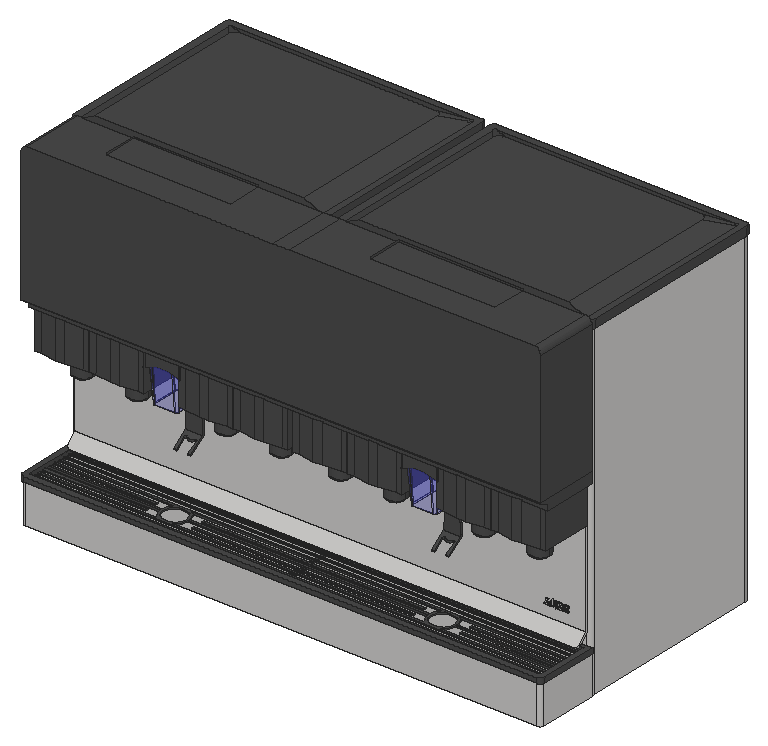
Revit family "QF_LANCER_FS60", category Specialty Equipment, Revit 2012
Parameters
  Width [instance] = 60 3/4"  # constant formula
  Weight in Pounds = 0
  Watts = 0 W
  Waste Water Discharge Temperature [instance] = -459.67 °F
  Volts = 115 V
  URL Cutsheet = "www.lancercorp.com"
  URL = "www.lancercorp.com"
  Type Mark [instance] = ""
  Status [instance] = ""
  Specification by User [instance] = ""
  Specification by Manufacturer = ""
  Show Logo [instance] = yes
  Show Clearance [instance] = yes
  Serial Number = ""
  Seismic Rating = ""
  SMACNA No = ""
  Revision Code [instance] = ""
  Plumbing Remarks [instance] = ""
  Plumbing Connection Type [instance] = ""
  Phase = 1
  Omniclass Number and Title = ""
  Number of Poles = 1
  NAFEM Spec ID Number = ""
  Model = "FS60"
  Min Ckt Ampacity = 0 A
  Max Overcurrent Protection = 0 A
  Masterspec = ""
  Manufacturer = "LANCER"
  Item Number [instance] = ""
  Installed By [instance] = ""
  Indirect Waste Size = 3/4"
  Indirect Waste Flow [instance] = 0 GPM
  Indirect Waste Connection Type [instance] = ""
  Indirect Waste Connection Height = 0"
  Identify Quantity as Lot [instance] = yes
  Height [instance] = 40 1/4"  # constant formula
  HP = ""
  Furnished By [instance] = ""
  Foodservice Equipment Identifier [instance] = yes
  FL Amps = 15 A
  Electrical Remarks [instance] = ""
  Electric Connection Type [instance] = ""
  Elec Conn RI Height = 0"
  Elec Conn Connection Height = 0"
  Description = "ICE BEVERAGE DISPENSER"
  Depth [instance] = 30 1/2"  # constant formula
  Cycle = 60 Hz
  Conn Plug = ""
  Conn Conduit = yes
  Cold Water Temperature Recommended [instance] = 0 °F
  Cold Water Size = 3/8"
  Cold Water RI Height [instance] = 0"
  Cold Water Minimum Pressure = 0.00 psi
  Cold Water Maximum Pressure = 0.00 psi
  Cold Water Flow [instance] = 0 GPM
  Cold Water Consumption = ""
  Cold Water Connection Height = 0"
  CSI MasterFormat = ""
  CSI Master Format = ""
  Apparent Power = if(Phase = 3, Volts * FL Amps * 1.73, Volts * FL Amps)  # 1725 VA
Reference planes (in)
  plane 1 "BACK": y = 0
  plane 2: z = 0
  plane 3 "LEFT": x = 0
  plane 4 "RIGHT": x = 60.75
  plane 5 "FRONT": y = -30.5
  plane 6 "TOP": z = 40.25
  plane 7: x = 30.375
  plane 8: y = -15.25
  plane 9: y = -23
  plane 10: z = 5.125
  plane 11: z = 39.27616
  plane 12: z = 24.77616
  plane 13: z = 23.38961
  plane 14: x = 0.62176
  plane 15: x = 13.36991
  plane 16: z = 20.125
Forms (in)
  Extrusion 1, solid, material "QF_Finishes_Stainless Steel"
    sketch origin (0, 0, 0) x (1, 0, 0) y (0, 1, 0)
      loop
        line (0.625, -23.5) -> (0.625, -29.625)
        arc (0.625, -29.625) -> (0.69822, -29.80178) -> (0.875, -29.875) r 0.25
        line (0.875, -29.875) -> (59.875, -29.875)
        arc (59.875, -29.875) -> (60.05178, -29.80178) -> (60.125, -29.625) r 0.25
        line (60.125, -29.625) -> (60.125, -23.5) -> (0.625, -23.5)
    from 0 to 0.5
  Extrusion 2, solid, material "QF_Finishes_Black"
    sketch origin (-4.83017, -180, 5.125) x (-1, 0, 0) y (0, -1, 0)
      loop
        line (-4.83017, -157) -> (-4.83017, -150)
        arc (-4.83017, -150) -> (-4.97662, -149.64645) -> (-5.33017, -149.5) r 0.5
        line (-5.33017, -149.5) -> (-65.08017, -149.5)
        arc (-65.08017, -149.5) -> (-65.43372, -149.64645) -> (-65.58017, -150) r 0.5
        line (-65.58017, -150) -> (-65.58017, -157) -> (-4.83017, -157)
      loop
        line (-64.95517, -156.5) -> (-5.45517, -156.5) -> (-5.45517, -150.375)
        arc (-5.45517, -150.375) -> (-5.52839, -150.19822) -> (-5.70517, -150.125) r 0.25
        line (-5.70517, -150.125) -> (-64.70517, -150.125)
        arc (-64.70517, -150.125) -> (-64.88195, -150.19822) -> (-64.95517, -150.375) r 0.25
        line (-64.95517, -150.375) -> (-64.95517, -156.5)
    from 0 to -0.59152
  Extrusion 3, solid, material "QF_Finishes_Stainless Steel"
    sketch origin (0, 0, 0) x (1, 0, 0) y (0, 1, 0)
      loop
        arc (0.625, -0.125) -> (0.27145, -0.27145) -> (0.125, -0.625) r 0.5
        line (0.125, -0.625) -> (0.125, -22.5)
        arc (0.125, -22.5) -> (0.27145, -22.85355) -> (0.625, -23) r 0.5
        line (0.625, -23) -> (60.125, -23)
        arc (60.125, -23) -> (60.47855, -22.85355) -> (60.625, -22.5) r 0.5
        line (60.625, -22.5) -> (60.625, -0.625)
        arc (60.625, -0.625) -> (60.47855, -0.27145) -> (60.125, -0.125) r 0.5
        line (60.125, -0.125) -> (0.625, -0.125)
    from 0 to 38.24262
  Extrusion 4, solid, material "QF_Finishes_Black"
    sketch origin (0, 0, -2.75) x (0, 1, 0) y (0, 0, 1)
      loop
        line (-29.28003, 24.875) -> (-23, 24.875) -> (-23, 26.13961) -> (-30.5, 26.13961) -> (-29.28003, 25.57073) -> (-29.28003, 24.875)
    from 0.125 to 60.625
  Extrusion 5, solid, material "QF_Finishes_Stainless Steel"
    sketch origin (30.375, 11.66928, 48) x (0, 1, 0) y (0, 0, 1)
      loop
        line (-34.66928, -25.875) -> (-34.79428, -25.875) -> (-34.79428, -41.36988) -> (-35.7238, -42.2994) -> (-35.63541, -42.38779) -> (-34.66928, -41.42166) -> (-34.66928, -25.875)
    from -29.75 to 29.75
  Extrusion 6, solid, material "QF_Finishes_Stainless Steel"
    sketch origin (30.375, -24.05452, 5.7006) x (0, 0.707107, 0.707107) y (-1, 0, 0)
      loop
        arc (0, 29.75) -> (-0.35355, 29.60355) -> (-0.5, 29.25) r 0.5
        line (-0.5, 29.25) -> (-0.5, -29.25)
        arc (-0.5, -29.25) -> (-0.35355, -29.60355) -> (0, -29.75) r 0.5
        line (0, -29.75) -> (0, 29.75)
    from 0 to -0.125
  Extrusion 7, solid, material "QF_Finishes_Black"
    sketch origin (0, 0, 4.53348) x (1, 0, 0) y (0, 1, 0)
      loop
        line (0.625, -23.5) -> (0.625, -29.625)
        arc (0.625, -29.625) -> (0.69822, -29.80178) -> (0.875, -29.875) r 0.25
        line (0.875, -29.875) -> (59.875, -29.875)
        arc (59.875, -29.875) -> (60.05178, -29.80178) -> (60.125, -29.625) r 0.25
        line (60.125, -29.625) -> (60.125, -23.5) -> (0.625, -23.5)
      loop
        line (0.875, -23.75) -> (0.875, -29.625) -> (30.27438, -29.625) -> (30.27438, -23.75) -> (0.875, -23.75)
      loop
        line (59.875, -23.75) -> (30.52668, -23.75) -> (30.52668, -29.625) -> (59.875, -29.625) -> (59.875, -23.75)
    from 0 to 0.125
  Extrusion 8, solid, material "QF_Finishes_Black"
    sketch origin (0, 0, 4.65848) x (1, 0, 0) y (0, 1, 0)
      loop
        line (0.6875, -23.9375) -> (0.6875, -24.1875) -> (60.0625, -24.1875) -> (60.0625, -23.9375) -> (0.6875, -23.9375)
      loop
        line (0.6875, -24.6875) -> (0.6875, -24.9375) -> (26.25953, -24.9375) -> (60.0625, -24.9375) -> (60.0625, -24.6875) -> (26.73212, -24.6875) -> (0.6875, -24.6875)
      loop
        line (0.6875, -25.43032) -> (0.6875, -25.68032) -> (14.48409, -25.68032)
        arc (14.48409, -25.68032) -> (13.96643, -26.21026) -> (13.74102, -26.91595) r 1.60932
        line (13.74102, -26.91595) -> (0.6875, -26.91595) -> (0.6875, -27.16595) -> (13.74122, -27.16595)
        arc (13.74122, -27.16595) -> (13.96838, -27.87225) -> (14.48824, -28.40158) r 1.60932
        line (14.48824, -28.40158) -> (0.6875, -28.40158) -> (0.6875, -28.65158) -> (26.375, -28.65158) -> (60.0625, -28.65158) -> (60.0625, -28.40158) -> (47.38731, -28.40158)
        arc (47.38731, -28.40158) -> (47.90717, -27.87225) -> (48.13433, -27.16595) r 1.60932
        line (48.13433, -27.16595) -> (60.0625, -27.16595) -> (60.0625, -26.91595) -> (48.13453, -26.91595)
        arc (48.13453, -26.91595) -> (47.90912, -26.21026) -> (47.39145, -25.68032) r 1.60932
        line (47.39145, -25.68032) -> (60.0625, -25.68032) -> (60.0625, -25.43032) -> (26.375, -25.43032) -> (0.6875, -25.43032)
      loop
        line (0.6875, -26.17313) -> (0.6875, -26.42313) -> (12.64977, -26.42313) -> (12.64977, -26.17313) -> (0.6875, -26.17313)
      loop
        line (0.6875, -27.65877) -> (0.6875, -27.90877) -> (12.64977, -27.90877) -> (12.64977, -27.65877) -> (0.6875, -27.65877)
      loop
        line (0.6875, -29.1444) -> (0.6875, -29.3944) -> (26.46437, -29.3944) -> (60.0625, -29.3944) -> (60.0625, -29.1444) -> (26.12882, -29.1444) -> (0.6875, -29.1444)
      loop
        circle (15.34558, -27.03964) r 1.35932
      loop
        line (60.0625, -26.17313) -> (49.22578, -26.17313) -> (49.22578, -26.42313) -> (60.0625, -26.42313) -> (60.0625, -26.17313)
      loop
        line (18.04139, -26.42313) -> (43.83416, -26.42313) -> (43.83416, -26.17313) -> (18.04139, -26.17313) -> (18.04139, -26.42313)
      loop
        line (60.0625, -27.65877) -> (49.22578, -27.65877) -> (49.22578, -27.90877) -> (60.0625, -27.90877) -> (60.0625, -27.65877)
      loop
        line (18.04139, -27.90877) -> (43.83416, -27.90877) -> (43.83416, -27.65877) -> (18.04139, -27.65877) -> (18.04139, -27.90877)
      loop
        arc (16.20707, -25.68032) -> (16.72473, -26.21026) -> (16.95015, -26.91595) r 1.60932
        line (16.95015, -26.91595) -> (44.9254, -26.91595)
        arc (44.9254, -26.91595) -> (45.15082, -26.21026) -> (45.66848, -25.68032) r 1.60932
        line (45.66848, -25.68032) -> (16.20707, -25.68032)
      loop
        arc (16.94994, -27.16595) -> (16.72279, -27.87225) -> (16.20293, -28.40158) r 1.60932
        line (16.20293, -28.40158) -> (45.67262, -28.40158)
        arc (45.67262, -28.40158) -> (45.15276, -27.87225) -> (44.92561, -27.16595) r 1.60932
        line (44.92561, -27.16595) -> (16.94994, -27.16595)
      loop
        circle (46.52997, -27.03964) r 1.35932
    from 0 to 0.125
  Sweep 9, solid, material "Glass"
    path origin (10.18415, -180, 20.82962) x (-1, 0, 0) y (0, -1, 0)
      loop
        arc (-33.56656, -151.84842) -> (-33.71301, -151.49486) -> (-34.06656, -151.34842) r 0.5
        line (-34.06656, -151.34842) -> (-36.34378, -151.34842)
        arc (-36.34378, -151.34842) -> (-36.69733, -151.49486) -> (-36.84378, -151.84842) r 0.5
        line (-36.84378, -151.84842) -> (-36.84378, -154.75718)
        arc (-36.84378, -154.75718) -> (-36.69733, -155.11074) -> (-36.34378, -155.25718) r 0.5
        line (-36.34378, -155.25718) -> (-34.06656, -155.25718)
        arc (-34.06656, -155.25718) -> (-33.71301, -155.11074) -> (-33.56656, -154.75718) r 0.5
        line (-33.56656, -154.75718) -> (-33.56656, -151.84842)
    profile origin (43.75072, -26.6972, 20.82962) x (-1, 0, 0) y (0, 0, 1)
      loop
        line (0, 0) -> (-0.26822, -4.40982) -> (-0.13581, -4.40982) -> (0.25, 0) -> (0, 0)
  Extrusion 10, solid, material "QF_Finishes_Black"
    sketch origin (45.3995, 11.66928, 45.25) x (0, 1, 0) y (0, 0, 1)
      loop
        line (-35.83907, -24.42385) -> (-35.83907, -30.375) -> (-34.83907, -30.375) -> (-34.83907, -24.42385) -> (-35.83907, -24.42385)
    from -0.83198 to 0.81163
  Extrusion 11, solid, material "QF_Finishes_Stainless Steel"
    sketch origin (0, 0, 0) x (1, 0, 0) y (0, 1, 0)
      loop
        line (0.125, -23) -> (0.125, -29.875)
        arc (0.125, -29.875) -> (0.27145, -30.22855) -> (0.625, -30.375) r 0.5
        line (0.625, -30.375) -> (60.125, -30.375)
        arc (60.125, -30.375) -> (60.47855, -30.22855) -> (60.625, -29.875) r 0.5
        line (60.625, -29.875) -> (60.625, -23) -> (0.125, -23)
      loop
        line (0.625, -23.5) -> (0.625, -29.625)
        arc (0.625, -29.625) -> (0.69822, -29.80178) -> (0.875, -29.875) r 0.25
        line (0.875, -29.875) -> (59.875, -29.875)
        arc (59.875, -29.875) -> (60.05178, -29.80178) -> (60.125, -29.625) r 0.25
        line (60.125, -29.625) -> (60.125, -23.5) -> (0.625, -23.5)
    from 0 to 4.53348
  Extrusion 12, solid, material "QF_Finishes_Black"
    sketch origin (30.15948, 0, -1.8077) x (0, 1, 0) y (0, 0, 1)
      loop
        line (-24.16978, 16.6827) -> (-24.16978, 13.95706) -> (-25.99565, 12.7255) -> (-25.92575, 12.62187) -> (-24.04478, 13.89059) -> (-24.04478, 16.6827) -> (-24.16978, 16.6827)
    from 14.23992 to 16.23992
  Extrusion 13, void
    sketch origin (22.962, 0, -1.8077) x (1, 0, 0) y (0, 1, 0)
      loop
        line (21.78464, -26.19535) -> (23.09036, -26.19535) -> (23.15895, -24.88671)
        arc (23.15895, -24.88671) -> (23.06403, -24.7119) -> (22.86518, -24.7171) r 0.19036
        arc (22.86518, -24.7171) -> (22.4375, -24.84379) -> (22.00982, -24.7171) r 0.78525
        arc (22.00982, -24.7171) -> (21.81097, -24.7119) -> (21.71605, -24.88671) r 0.19036
        line (21.71605, -24.88671) -> (21.78464, -26.19535)
    from 12.41996 to 14.39164
  Extrusion 14, void
    sketch origin (30.15948, -24.04478, 14.875) x (0, 0, 1) y (-1, 0, 0)
      loop
        line (-2.59448, -14.23101) -> (0.04691, -14.41571) -> (0.04691, -14.08311) -> (-2.59448, -14.08311) -> (-2.59448, -14.23101)
      loop
        line (-2.59448, -16.22868) -> (-2.59448, -16.37657) -> (0, -16.37657) -> (0, -16.04726) -> (-2.59448, -16.22868)
    from 0 to 0.25
  Extrusion 15, solid, material "QF_Finishes_Black"
    sketch origin (0, -30.5, 0) x (1, 0, 0) y (0, 0, 1)
      loop
        line (0.125, 23.38961) -> (60.625, 23.38961) -> (60.625, 38.78346)
        arc (60.625, 38.78346) -> (60.44102, 39.27551) -> (59.97935, 39.52616) r 0.75
        arc (59.97935, 39.52616) -> (45.65625, 40.25647) -> (31.33315, 39.52616) r 140.81996
        line (31.33315, 39.52616) -> (29.41685, 39.52616)
        arc (29.41685, 39.52616) -> (15.09375, 40.25062) -> (0.77065, 39.52616) r 141.95241
        arc (0.77065, 39.52616) -> (0.30898, 39.27551) -> (0.125, 38.78346) r 0.75
        line (0.125, 38.78346) -> (0.125, 23.38961)
    from -0.125 to -7.5
  Extrusion 16, solid, material "QF_Finishes_Black"
    sketch origin (0, 0, 38.24262) x (1, 0, 0) y (0, 1, 0)
      loop
        line (29.4375, 0) -> (0.5, 0)
        arc (0.5, 0) -> (0.14645, -0.14645) -> (0, -0.5) r 0.5
        line (0, -0.5) -> (0, -22.5)
        arc (0, -22.5) -> (0.14645, -22.85355) -> (0.5, -23) r 0.5
        line (0.5, -23) -> (29.4375, -23)
        arc (29.4375, -23) -> (29.79105, -22.85355) -> (29.9375, -22.5) r 0.5
        line (29.9375, -22.5) -> (29.9375, -0.5)
        arc (29.9375, -0.5) -> (29.79105, -0.14645) -> (29.4375, 0) r 0.5
    from 0 to 1
  Blend 17, solid, material "QF_Finishes_Black"
    base sketch origin (0, 0, 39.24262) x (1, 0, 0) y (0, 1, 0)
      loop
        line (28.9375, -0.75) -> (1, -0.75)
        arc (1, -0.75) -> (0.82322, -0.82322) -> (0.75, -1) r 0.25
        line (0.75, -1) -> (0.75, -23) -> (29.1875, -23) -> (29.1875, -1)
        arc (29.1875, -1) -> (29.11428, -0.82322) -> (28.9375, -0.75) r 0.25
    top sketch origin (0, 0, 39.24262) x (1, 0, 0) y (0, 1, 0)
      loop
        line (26.4375, -2.75) -> (3.5, -2.75)
        arc (3.5, -2.75) -> (2.96967, -2.96967) -> (2.75, -3.5) r 0.75
        line (2.75, -3.5) -> (2.75, -23) -> (27.1875, -23) -> (27.1875, -3.5)
        arc (27.1875, -3.5) -> (26.96783, -2.96967) -> (26.4375, -2.75) r 0.75
    from 0 to 0.97384
  Blend 18, solid, material "QF_Finishes_Black"
    base sketch origin (44.875, 0, 39.24262) x (-1, 0, 0) y (0, -1, 0)
      loop
        arc (13.0625, 0.75) -> (13.23928, 0.82322) -> (13.3125, 1) r 0.25
        line (13.3125, 1) -> (13.3125, 23) -> (-15.125, 23) -> (-15.125, 1)
        arc (-15.125, 1) -> (-15.05178, 0.82322) -> (-14.875, 0.75) r 0.25
        line (-14.875, 0.75) -> (13.0625, 0.75)
    top sketch origin (44.875, 0, 39.24262) x (-1, 0, 0) y (0, -1, 0)
      loop
        arc (10.5625, 2.75) -> (11.09283, 2.96967) -> (11.3125, 3.5) r 0.75
        line (11.3125, 3.5) -> (11.3125, 23) -> (-13.125, 23) -> (-13.125, 3.5)
        arc (-13.125, 3.5) -> (-12.90533, 2.96967) -> (-12.375, 2.75) r 0.75
        line (-12.375, 2.75) -> (10.5625, 2.75)
    from 0 to 0.97384
  Extrusion 19, solid, material "QF_Finishes_Black"
    sketch origin (0, 0, 38.24262) x (1, 0, 0) y (0, 1, 0)
      loop
        arc (31.3125, 0) -> (30.95895, -0.14645) -> (30.8125, -0.5) r 0.5
        line (30.8125, -0.5) -> (30.8125, -22.5)
        arc (30.8125, -22.5) -> (30.95895, -22.85355) -> (31.3125, -23) r 0.5
        line (31.3125, -23) -> (60.25, -23)
        arc (60.25, -23) -> (60.60355, -22.85355) -> (60.75, -22.5) r 0.5
        line (60.75, -22.5) -> (60.75, -0.5)
        arc (60.75, -0.5) -> (60.60355, -0.14645) -> (60.25, 0) r 0.5
        line (60.25, 0) -> (31.3125, 0)
    from 0 to 1
  Extrusion 20, solid, material "QF_Finishes_Black"
    sketch origin (27.15974, -23, 45.26461) x (-1, 0, 0) y (0, 0, 1)
      loop
        line (-16.08724, -23.125) -> (-20.34975, -23.125) -> (-20.34975, -24.87044)
        arc (-20.34975, -24.87044) -> (-18.2185, -24.40607) -> (-16.08724, -24.87044) r 5.12296
        line (-16.08724, -24.87044) -> (-16.08724, -23.125)
    from 0 to -6
  Sweep 21, solid, material "Glass"
    path origin (50.56585, -180, 20.82962) x (1, 0, 0) y (0, 1, 0)
      loop
        line (-33.56656, 151.84842) -> (-33.56656, 154.75718)
        arc (-33.56656, 154.75718) -> (-33.71301, 155.11074) -> (-34.06656, 155.25718) r 0.5
        line (-34.06656, 155.25718) -> (-36.34378, 155.25718)
        arc (-36.34378, 155.25718) -> (-36.69733, 155.11074) -> (-36.84378, 154.75718) r 0.5
        line (-36.84378, 154.75718) -> (-36.84378, 151.84842)
        arc (-36.84378, 151.84842) -> (-36.69733, 151.49486) -> (-36.34378, 151.34842) r 0.5
        line (-36.34378, 151.34842) -> (-34.06656, 151.34842)
        arc (-34.06656, 151.34842) -> (-33.71301, 151.49486) -> (-33.56656, 151.84842) r 0.5
    profile origin (16.99928, -26.6972, 20.82962) x (-1, 0, 0) y (0, 0, 1)
      loop
        line (0, 0) -> (-0.25, 0) -> (0.13581, -4.40982) -> (0.26822, -4.40982) -> (0, 0)
  Extrusion 22, solid, material "QF_Finishes_Black"
    sketch origin (15.3505, 11.66928, 45.25) x (0, 1, 0) y (0, 0, -1)
      loop
        line (-35.83907, 24.42385) -> (-34.83907, 24.42385) -> (-34.83907, 30.375) -> (-35.83907, 30.375) -> (-35.83907, 24.42385)
    from -0.83198 to 0.81163
  Extrusion 23, solid, material "QF_Finishes_Black"
    sketch origin (30.59052, 0, -1.8077) x (0, 1, 0) y (0, 0, -1)
      loop
        line (-24.16978, -16.6827) -> (-24.04478, -16.6827) -> (-24.04478, -13.89059) -> (-25.92575, -12.62187) -> (-25.99565, -12.7255) -> (-24.16978, -13.95706) -> (-24.16978, -16.6827)
    from 14.23992 to 16.23992
  Extrusion 24, void
    sketch origin (37.788, 0, -1.8077) x (-1, 0, 0) y (0, -1, 0)
      loop
        line (21.78464, 26.19535) -> (21.71605, 24.88671)
        arc (21.71605, 24.88671) -> (21.81097, 24.7119) -> (22.00982, 24.7171) r 0.19036
        arc (22.00982, 24.7171) -> (22.4375, 24.84379) -> (22.86518, 24.7171) r 0.78525
        arc (22.86518, 24.7171) -> (23.06403, 24.7119) -> (23.15895, 24.88671) r 0.19036
        line (23.15895, 24.88671) -> (23.09036, 26.19535) -> (21.78464, 26.19535)
    from 12.41996 to 14.39164
  Extrusion 25, void
    sketch origin (30.59052, -24.04478, 14.875) x (0, 0, 1) y (-1, 0, 0)
      loop
        line (-2.59448, 14.23101) -> (-2.59448, 14.08311) -> (0.04691, 14.08311) -> (0.04691, 14.41571) -> (-2.59448, 14.23101)
      loop
        line (-2.59448, 16.22868) -> (0, 16.04726) -> (0, 16.37657) -> (-2.59448, 16.37657) -> (-2.59448, 16.22868)
    from 0 to 0.25
  Extrusion 26, solid, material "QF_Finishes_Black"
    sketch origin (33.59026, -23, 45.26461) x (1, 0, 0) y (0, 0, -1)
      loop
        line (-16.08724, 23.125) -> (-16.08724, 24.87044)
        arc (-16.08724, 24.87044) -> (-18.2185, 24.40607) -> (-20.34975, 24.87044) r 5.12296
        line (-20.34975, 24.87044) -> (-20.34975, 23.125) -> (-16.08724, 23.125)
    from 0 to -6
  Extrusion 27, void
    sketch origin (0, 0, 40.25) x (-1, 0, 0) y (0, -1, 0)
      loop
        line (-7.75, 23.5) -> (-7.75, 27.5) -> (-22.1875, 27.5) -> (-22.1875, 23.5) -> (-7.75, 23.5)
      loop
        line (-53, 23.5) -> (-38.5625, 23.5) -> (-38.5625, 27.5) -> (-53, 27.5) -> (-53, 23.5)
    from -0.36002 to 0.41034
  Extrusion 28, solid, material "QF_Finishes_Stainless Steel"
    sketch origin (0.625, -0.125, -4.26461) x (1, 0, 0) y (0, 0, -1)
      loop
        circle (29.75, -24.38961) r 0.25
      loop
        circle (58.75, -5.45211) r 0.1875
    from 0 to 0.0625
  Extrusion 29, solid, material "QF_Finishes_Stainless Steel"
    sketch origin (0, 0, 0) x (0, 1, 0) y (1, 0, 0)
      loop
        circle (-26.5625, 30.375) r 0.375
    from 0 to 0.0625
Cuts and joins
  joined: Extrusion 5, Extrusion 6
  Extrusion 13, Extrusion 14, Extrusion 24, Extrusion 25 cuts Extrusion 12
  Extrusion 24 cuts Extrusion 23
  Extrusion 25 cuts Extrusion 10
  Extrusion 25 cuts Extrusion 22
  Extrusion 27 cuts Extrusion 15
Lines and regions (in)
  Split face 1
    outline origin (0, -30.375, 0) x (1, 0, 0) y (0, 0, 1)
      loop
        line (1, 38.75) -> (1, 24.38961) -> (59.75, 24.38961) -> (59.75, 38.75) -> (1, 38.75)
  symbolic lines
    curve 1: line (0.5, -30.5, 5.125) -> (60.25, -30.5, 5.125)
    curve 2: line (0, -0.5, 5.125) -> (0, -22.5, 5.125)
    curve 3: line (60.75, -30, 5.125) -> (60.75, -23, 5.125)
    curve 4: arc (0.5, 0, 5.125) -> (0.14645, -0.14645, 5.125) -> (0, -0.5, 5.125) r 0.5
    curve 5: arc (60.75, -0.5, 5.125) -> (60.60355, -0.14645, 5.125) -> (60.25, 0, 5.125) r 0.5
    curve 6: line (1, -0.75, 5.125) -> (28.9375, -0.75, 5.125)
    curve 7: arc (59.75, -0.75, 5.125) -> (59.92678, -0.82322, 5.125) -> (60, -1, 5.125) r 0.25
    curve 8: line (60, -1, 5.125) -> (60, -23, 5.125)
    curve 9: line (60.75, -23, 5.125) -> (0, -23, 5.125)
    curve 10: line (0.75, -23, 5.125) -> (0.75, -1, 5.125)
    curve 11: arc (0.75, -1, 5.125) -> (0.82322, -0.82322, 5.125) -> (1, -0.75, 5.125) r 0.25
    curve 12: arc (3.5, -2.75, 5.125) -> (2.96967, -2.96967, 5.125) -> (2.75, -3.5, 5.125) r 0.75
    curve 13: line (2.75, -3.5, 5.125) -> (2.75, -23, 5.125)
    curve 14: line (57.25, -2.75, 5.125) -> (34.3125, -2.75, 5.125)
    curve 15: arc (58, -3.5, 5.125) -> (57.78033, -2.96967, 5.125) -> (57.25, -2.75, 5.125) r 0.75
    curve 16: line (58, -23, 5.125) -> (58, -3.5, 5.125)
    curve 17: arc (0, -22.5, 5.125) -> (0.14645, -22.85355, 5.125) -> (0.5, -23, 5.125) r 0.5
    curve 18: arc (60.25, -23, 5.125) -> (60.60355, -22.85355, 5.125) -> (60.75, -22.5, 5.125) r 0.5
    curve 19: line (0, -23, 5.125) -> (0, -30, 5.125)
    curve 20: line (60.75, -22.5, 5.125) -> (60.75, -0.5, 5.125)
    curve 21: arc (0.5, -30.5, 5.125) -> (0.14645, -30.35355, 5.125) -> (0, -30, 5.125) r 0.5
    curve 22: arc (60.25, -30.5, 5.125) -> (60.60355, -30.35355, 5.125) -> (60.75, -30, 5.125) r 0.5
    curve 23: arc (28.9375, -0.75, 5.125) -> (29.11428, -0.82322, 5.125) -> (29.1875, -1, 5.125) r 0.25
    curve 24: arc (31.5625, -1, 5.125) -> (31.63572, -0.82322, 5.125) -> (31.8125, -0.75, 5.125) r 0.25
    curve 25: line (31.5625, -23, 5.125) -> (31.5625, -1, 5.125)
    curve 26: line (29.1875, -1, 5.125) -> (29.1875, -23, 5.125)
    curve 27: arc (29.9375, -0.5, 5.125) -> (29.79105, -0.14645, 5.125) -> (29.4375, 0, 5.125) r 0.5
    curve 28: line (29.9375, -22.5, 5.125) -> (29.9375, -0.5, 5.125)
    curve 29: arc (31.3125, 0, 5.125) -> (30.95895, -0.14645, 5.125) -> (30.8125, -0.5, 5.125) r 0.5
    curve 30: line (30.8125, -0.5, 5.125) -> (30.8125, -22.5, 5.125)
    curve 31: arc (27.1875, -3.5, 5.125) -> (26.96783, -2.96967, 5.125) -> (26.4375, -2.75, 5.125) r 0.75
    curve 32: line (27.1875, -23, 5.125) -> (27.1875, -3.5, 5.125)
    curve 33: arc (34.3125, -2.75, 5.125) -> (33.78217, -2.96967, 5.125) -> (33.5625, -3.5, 5.125) r 0.75
    curve 34: line (33.5625, -3.5, 5.125) -> (33.5625, -23, 5.125)
    curve 35: line (31.8125, -0.75, 5.125) -> (59.75, -0.75, 5.125)
    curve 36: line (26.4375, -2.75, 5.125) -> (3.5, -2.75, 5.125)
    curve 37: arc (29.4375, -23, 5.125) -> (29.79105, -22.85355, 5.125) -> (29.9375, -22.5, 5.125) r 0.5
    curve 38: arc (30.8125, -22.5, 5.125) -> (30.95895, -22.85355, 5.125) -> (31.3125, -23, 5.125) r 0.5
    curve 39: line (0.5, 0, 5.125) -> (60.25, 0, 5.125)
    curve 40: line (22.1875, -27.5, 5.125) -> (7.75, -27.5, 5.125)
    curve 41: line (7.75, -27.5, 5.125) -> (7.75, -23.5, 5.125)
    curve 42: line (7.75, -23.5, 5.125) -> (22.1875, -23.5, 5.125)
    curve 43: line (22.1875, -23.5, 5.125) -> (22.1875, -27.5, 5.125)
    curve 44: line (53, -27.5, 5.125) -> (38.5625, -27.5, 5.125)
    curve 45: line (38.5625, -27.5, 5.125) -> (38.5625, -23.5, 5.125)
    curve 46: line (38.5625, -23.5, 5.125) -> (53, -23.5, 5.125)
    curve 47: line (53, -23.5, 5.125) -> (53, -27.5, 5.125)
Dimensions and locks (in)
  "Width": plane 3 "LEFT" to plane 4 "RIGHT"
  "Depth": plane 5 "FRONT" to plane 1 "BACK"
  equal spacing: plane 3 "LEFT", plane 7, plane 4 "RIGHT"
  equal spacing: plane 5 "FRONT", plane 8, plane 1 "BACK"
  "Height": plane 6 "TOP" to level
  plane 9 to plane 5 "FRONT" = 7 1/2"
  plane 10 to level = 5 1/8"
  plane 1 "BACK" to plane 9 = 23"
  curve 13 to Extrusion 27 sketch curve = 5"
  equal spacing: plane 6 "TOP", plane 16, level
  aligned and locked: level to plane 2
Automatic sketch dimensions
  plane 3 "LEFT" to Extrusion 1 sketch curve = 5/8"
  Extrusion 1 sketch curve to Extrusion 1 sketch curve = 1/4"
  plane 4 "RIGHT" to Extrusion 1 sketch curve = 7/8"
  plane 4 "RIGHT" to Extrusion 1 sketch curve = 5/8"
  Extrusion 1 sketch curve to plane 5 "FRONT" = 5/8"
  Extrusion 1 sketch curve to plane 9 = 1/2"
  Extrusion 2 sketch curve to plane 4 "RIGHT" = 0"
  plane 5 "FRONT" to Extrusion 2 sketch curve = 0"
  Extrusion 2 sketch curve to plane 3 "LEFT" = 0"
  Extrusion 2 sketch curve to plane 9 = 0"
  plane 4 "RIGHT" to Extrusion 2 sketch curve = 1/2"
  Extrusion 2 sketch curve to Extrusion 2 sketch curve = 1/8"
  Extrusion 2 sketch curve to Extrusion 2 sketch curve = 1/4"
  plane 3 "LEFT" to Extrusion 2 sketch curve = 7/8"
  plane 3 "LEFT" to Extrusion 2 sketch curve = 5/8"
  plane 3 "LEFT" to Extrusion 2 sketch curve = 1/2"
  Extrusion 2 sketch curve to plane 9 = 1/2"
  Extrusion 2 sketch curve to Extrusion 2 sketch curve = 3/8"
  Extrusion 3 sketch curve to plane 9 = 0"
  plane 3 "LEFT" to Extrusion 3 sketch curve = 1/8"
  plane 3 "LEFT" to Extrusion 3 sketch curve = 5/8"  (x2)
  plane 1 "BACK" to Extrusion 3 sketch curve = 1/8"
  plane 4 "RIGHT" to Extrusion 3 sketch curve = 5/8"  (x2)
  plane 4 "RIGHT" to Extrusion 3 sketch curve = 1/8"
  Extrusion 4 sketch curve to plane 5 "FRONT" = 0"
  Extrusion 4 sketch curve to plane 9 = 0"
  Extrusion 4 sketch curve to plane 13 = 0"
  Extrusion 4 sketch curve to plane 13 = 0.56888"
  Extrusion 4 sketch curve to plane 5 "FRONT" = 1.21997"
  Extrusion 4 sketch curve to Extrusion 4 sketch curve = 0.69573"
  Extrusion 5 sketch curve to plane 9 = 0"
  Extrusion 5 sketch curve to plane 9 = 1/8"
  plane 10 to Extrusion 5 sketch curve = 0.48721"
  Extrusion 5 sketch curve to plane 9 = 0.96613"
  plane 10 to Extrusion 5 sketch curve = 0.5756"
  Extrusion 5 sketch curve to Extrusion 5 sketch curve = 0.08839"
  Extrusion 5 sketch curve to plane 13 = 1.26461"
  Extrusion 6 sketch curve to Extrusion 5 = 0"  (x3)
  Extrusion 5 to Extrusion 6 sketch curve = 1/2"
  plane 3 "LEFT" to Extrusion 7 sketch curve = 5/8"
  Extrusion 7 sketch curve to Extrusion 7 sketch curve = 1/4"  (x3)
  Extrusion 7 sketch curve to Extrusion 7 sketch curve = 0"  (x4)
  plane 4 "RIGHT" to Extrusion 7 sketch curve = 7/8"
  Extrusion 7 sketch curve to plane 5 "FRONT" = 7/8"  (x2)
  Extrusion 7 sketch curve to plane 9 = 3/4"
  Extrusion 8 sketch curve to Extrusion 8 sketch curve = 0"  (x29)
  Extrusion 8 sketch curve to Extrusion 7 = 1/16"  (x16)
  Extrusion 7 to Extrusion 8 sketch curve = 1.96623"
  Extrusion 8 sketch curve to Extrusion 8 sketch curve = 1.09125"  (x4)
  Extrusion 8 sketch curve to Extrusion 8 sketch curve = 0.0002"  (x4)
  Extrusion 8 sketch curve to Extrusion 8 sketch curve = 0.74308"  (x2)
  Extrusion 8 sketch curve to Extrusion 8 sketch curve = 0.74701"  (x4)
  Extrusion 8 sketch curve to Extrusion 8 sketch curve = 0.85735"  (x3)
  Extrusion 8 sketch curve to Extrusion 8 sketch curve = 0.86149"  (x2)
  Extrusion 8 sketch curve to Extrusion 8 sketch curve = 1.09145"  (x2)
  Extrusion 7 to Extrusion 8 sketch curve = 0.4806"
  Extrusion 7 to Extrusion 8 sketch curve = 1 3/16"
  Extrusion 8 sketch curve to Extrusion 8 sketch curve = 0.11547"  (x2)
  Extrusion 8 sketch curve to Extrusion 8 sketch curve = 0.24618"
  Extrusion 8 sketch curve to Extrusion 8 sketch curve = 0.33555"
  Extrusion 8 sketch curve to Extrusion 8 sketch curve = 0.47259"
  Extrusion 7 to Extrusion 8 sketch curve = 2.42313"
  Extrusion 7 to Extrusion 8 sketch curve = 13.30747"
  Extrusion 7 to Extrusion 8 sketch curve = 0.2306"
  Extrusion 8 sketch curve to Extrusion 8 sketch curve = 0.49282"  (x4)
  Extrusion 7 to Extrusion 8 sketch curve = 1.22342"
  Extrusion 8 sketch curve to Extrusion 8 sketch curve = 1/4"  (x12)
  Extrusion 7 to Extrusion 8 sketch curve = 1.71623"  (x2)
  Extrusion 7 to Extrusion 8 sketch curve = 7/16"
  Extrusion 7 to Extrusion 8 sketch curve = 3/16"
  Sweep 9 sketch curve to plane 9 = 2.24282"
  plane 4 "RIGHT" to Sweep 9 sketch curve = 13.72207"
  Sweep 9 sketch curve to Sweep 9 sketch curve = 1/2"  (x3)
  Sweep 9 sketch curve to Sweep 9 sketch curve = 2.27722"  (x2)
  Sweep 9 sketch curve to plane 5 "FRONT" = 2.34842"
  Sweep 9 sketch curve to profile plane = 0"  (x2)
  profile plane to Sweep 9 sketch curve = 0.13581"
  Sweep 9 sketch curve to Sweep 9 sketch curve = 0.13241"
  Sweep 9 sketch curve to Sweep 9 sketch curve = 1/4"
  Sweep 9 sketch curve to profile plane = 4.40982"
  Extrusion 10 sketch curve to plane 9 = 1.16978"
  Extrusion 10 sketch curve to plane 9 = 0.16978"
  Extrusion 10 sketch curve to plane 13 = 8.51461"
  Extrusion 10 sketch curve to plane 13 = 2.56346"
  Extrusion 11 sketch curve to plane 9 = 0"
  plane 3 "LEFT" to Extrusion 11 sketch curve = 1/8"
  Extrusion 11 sketch curve to Extrusion 11 sketch curve = 1/2"
  Extrusion 11 sketch curve to Extrusion 11 sketch curve = 0"
  Extrusion 11 sketch curve to Extrusion 11 sketch curve = 1/4"  (x3)
  plane 4 "RIGHT" to Extrusion 11 sketch curve = 7/8"
  plane 4 "RIGHT" to Extrusion 11 sketch curve = 5/8"
  plane 4 "RIGHT" to Extrusion 11 sketch curve = 1/8"
  Extrusion 11 sketch curve to plane 9 = 1/2"
  Extrusion 11 sketch curve to plane 5 "FRONT" = 7/8"
  Extrusion 12 sketch curve to plane 9 = 2.99565"
  Extrusion 12 sketch curve to Extrusion 12 sketch curve = 0.0699"
  Extrusion 12 sketch curve to plane 9 = 1.16978"
  Extrusion 12 sketch curve to Extrusion 12 sketch curve = 1/8"
  plane 10 to Extrusion 12 sketch curve = 5.68917"
  Extrusion 12 sketch curve to Extrusion 12 sketch curve = 0.10363"
  Extrusion 12 sketch curve to Extrusion 12 sketch curve = 2.72564"
  Extrusion 13 sketch curve to plane 9 = 1 227/256"  (x2)
  plane 7 to Extrusion 13 sketch curve = 14.30305"
  Extrusion 13 sketch curve to Extrusion 13 sketch curve = 0.06858"
  Extrusion 13 sketch curve to Extrusion 13 sketch curve = 0.1901"
  Extrusion 13 sketch curve to Extrusion 13 sketch curve = 0.10368"  (x2)
  Extrusion 13 sketch curve to Extrusion 13 sketch curve = 0"  (x2)
  Extrusion 13 sketch curve to Extrusion 13 sketch curve = 0.42768"  (x2)
  Extrusion 13 sketch curve to plane 9 = 3.19535"
  Extrusion 13 sketch curve to Extrusion 13 sketch curve = 1.30573"
  Extrusion 13 sketch curve to Extrusion 13 sketch curve = 0.00996"
  Extrusion 14 sketch curve to Extrusion 12 = 0"
  Extrusion 14 sketch curve to Extrusion 12 = 0.19763"  (x2)
  Extrusion 12 to Extrusion 14 sketch curve = 0.00891"
  Extrusion 12 to Extrusion 14 sketch curve = 0.04691"
  Extrusion 14 sketch curve to Extrusion 12 = 45/256"
  Extrusion 14 sketch curve to Extrusion 12 = 0.19267"
  Extrusion 14 sketch curve to Extrusion 12 = 0.01124"
  Extrusion 12 to Extrusion 14 sketch curve = 0.13665"
  Extrusion 14 sketch curve to Extrusion 14 sketch curve = 0.14789"
  Extrusion 16 to Blend 17 sketch curve = 0"  (x2)
  Blend 17 sketch curve to Extrusion 16 = 3/4"  (x2)
  Blend 17 sketch curve to Blend 17 sketch curve = 1/4"
  Blend 17 sketch curve to Extrusion 16 = 1"  (x2)
  Blend 17 sketch curve to Extrusion 16 = 2 3/4"  (x2)
  Blend 17 sketch curve to Blend 17 sketch curve = 3/4"
  Blend 17 sketch curve to Extrusion 16 = 3 1/2"  (x2)
  Extrusion 16 to Blend 18 sketch curve = 0"  (x2)
  Blend 18 sketch curve to Extrusion 16 = 1"
  Extrusion 16 to Blend 18 sketch curve = 30 1/16"
  Blend 18 sketch curve to Blend 18 sketch curve = 1/4"
  Extrusion 16 to Blend 18 sketch curve = 1 7/8"
  Extrusion 16 to Blend 18 sketch curve = 1 5/8"
  Blend 18 sketch curve to Extrusion 16 = 3 1/2"
  Extrusion 16 to Blend 18 sketch curve = 28 1/16"
  Blend 18 sketch curve to Blend 18 sketch curve = 3/4"
  Extrusion 16 to Blend 18 sketch curve = 4 3/8"
  Extrusion 16 to Blend 18 sketch curve = 3 5/8"
  Split face 1 sketch curve to Extrusion 15 = 7/8"  (x2)
  Split face 1 sketch curve to Extrusion 15 = 1"
  Split face 1 sketch curve to Extrusion 15 = 0.77616"
  Extrusion 20 sketch curve to plane 13 = 2.99544"  (x2)
  plane 4 "RIGHT" to Extrusion 20 sketch curve = 13.2405"
  Extrusion 20 sketch curve to Extrusion 20 sketch curve = 2.13126"
  Extrusion 20 sketch curve to Extrusion 20 sketch curve = 4.65859"
  Extrusion 20 sketch curve to plane 13 = 1 1/4"
  Sweep 21 sketch curve to plane 9 = 2.24282"
  plane 3 "LEFT" to Sweep 21 sketch curve = 13.72207"
  Sweep 21 sketch curve to Sweep 21 sketch curve = 1/2"  (x3)
  Sweep 21 sketch curve to Sweep 21 sketch curve = 2.27722"  (x2)
  Sweep 21 sketch curve to plane 5 "FRONT" = 2.34842"
  Sweep 21 sketch curve to profile plane = 0"  (x2)
  profile plane to Sweep 21 sketch curve = 1/4"
  Sweep 21 sketch curve to profile plane = 0.13581"
  Sweep 21 sketch curve to Sweep 21 sketch curve = 0.13241"
  Sweep 21 sketch curve to profile plane = 4.40982"
  Extrusion 22 sketch curve to plane 9 = 1.16978"
  Extrusion 22 sketch curve to plane 9 = 0.16978"
  Extrusion 22 sketch curve to plane 13 = 2.56346"
  Extrusion 22 sketch curve to Extrusion 22 sketch curve = 5.95115"
  Extrusion 23 sketch curve to plane 9 = 2.99565"
  Extrusion 23 sketch curve to Extrusion 23 sketch curve = 0.0699"
  Extrusion 23 sketch curve to plane 9 = 1.16978"
  Extrusion 23 sketch curve to Extrusion 23 sketch curve = 1/8"
  Extrusion 23 sketch curve to plane 13 = 8.51461"
  Extrusion 23 sketch curve to Extrusion 23 sketch curve = 2.72564"
  Extrusion 23 sketch curve to Extrusion 23 sketch curve = 0.06646"
  Extrusion 24 sketch curve to plane 9 = 1 227/256"  (x2)
  Extrusion 24 sketch curve to plane 7 = 14.30305"
  Extrusion 24 sketch curve to Extrusion 24 sketch curve = 0.06858"
  Extrusion 24 sketch curve to Extrusion 24 sketch curve = 0.1901"
  Extrusion 24 sketch curve to Extrusion 24 sketch curve = 0.10368"  (x2)
  Extrusion 24 sketch curve to Extrusion 24 sketch curve = 0"  (x2)
  Extrusion 24 sketch curve to Extrusion 24 sketch curve = 0.42768"  (x2)
  Extrusion 24 sketch curve to plane 9 = 3.19535"
  Extrusion 24 sketch curve to Extrusion 24 sketch curve = 1.30573"
  Extrusion 24 sketch curve to Extrusion 24 sketch curve = 0.00996"
  Extrusion 25 sketch curve to Extrusion 23 = 0"
  Extrusion 25 sketch curve to Extrusion 23 = 0.19763"  (x2)
  Extrusion 23 to Extrusion 25 sketch curve = 0.00891"
  Extrusion 23 to Extrusion 25 sketch curve = 0.04691"
  Extrusion 25 sketch curve to Extrusion 25 sketch curve = 0.14789"
  Extrusion 25 sketch curve to Extrusion 23 = 45/256"
  Extrusion 25 sketch curve to Extrusion 23 = 0.19267"
  Extrusion 25 sketch curve to Extrusion 23 = 0.01124"
  Extrusion 23 to Extrusion 25 sketch curve = 0.13665"
  Extrusion 26 sketch curve to plane 13 = 2.99544"  (x2)
  plane 3 "LEFT" to Extrusion 26 sketch curve = 13.2405"
  Extrusion 26 sketch curve to Extrusion 26 sketch curve = 2.13126"
  Extrusion 26 sketch curve to plane 13 = 1 1/4"
  Extrusion 26 sketch curve to Extrusion 26 sketch curve = 4.65859"
  Extrusion 15 sketch curve to plane 13 = 0"
  plane 3 "LEFT" to Extrusion 15 sketch curve = 1/8"
  plane 11 to Extrusion 15 sketch curve = 1/4"  (x3)
  plane 3 "LEFT" to Extrusion 15 sketch curve = 0.77065"
  Extrusion 15 sketch curve to plane 11 = 0.49271"
  plane 3 "LEFT" to Extrusion 15 sketch curve = 15 3/32"
  plane 7 to Extrusion 15 sketch curve = 0.95815"
  plane 4 "RIGHT" to Extrusion 15 sketch curve = 7/8"
  Extrusion 15 sketch curve to Extrusion 15 sketch curve = 0.10435"
  plane 4 "RIGHT" to Extrusion 15 sketch curve = 1/8"
  Extrusion 15 sketch curve to level = 100.56349"
  Extrusion 15 sketch curve to Extrusion 15 sketch curve = 1.1383"
  Extrusion 27 sketch curve to plane 5 "FRONT" = 3"  (x2)
  Extrusion 27 sketch curve to plane 7 = 8 3/16"
  plane 7 to Extrusion 27 sketch curve = 8 3/16"
  Extrusion 27 sketch curve to plane 9 = 1/2"  (x2)
  plane 4 "RIGHT" to Extrusion 27 sketch curve = 7 3/4"
  Extrusion 3 to Extrusion 19 sketch curve = 0"
  Extrusion 19 sketch curve to Extrusion 3 = 3/8"  (x3)
  Extrusion 19 sketch curve to Extrusion 3 = 29 13/16"
  Extrusion 19 sketch curve to Extrusion 19 sketch curve = 1/2"  (x2)
  Extrusion 3 to Extrusion 19 sketch curve = 1/8"
  Extrusion 16 sketch curve to Extrusion 3 = 0"
  Extrusion 3 to Extrusion 16 sketch curve = 1/8"  (x2)
  Extrusion 16 sketch curve to Extrusion 3 = 3/8"  (x2)
  Extrusion 16 sketch curve to Extrusion 16 sketch curve = 28 15/16"
  Extrusion 16 sketch curve to Extrusion 16 sketch curve = 0"
  Extrusion 16 sketch curve to Extrusion 3 = 1/2"
  curve 18 to plane 4 "RIGHT" = 0"
  curve 22 to plane 4 "RIGHT" = 0"
  plane 5 "FRONT" to curve 22 = 0"
  curve 18 to plane 9 = 0"
  plane 1 "BACK" to curve 4 = 0"
  curve 19 to plane 3 "LEFT" = 0"
  curve 17 to plane 3 "LEFT" = 0"
  plane 4 "RIGHT" to curve 22 = 1/2"
  curve 5 to curve 5 = 1/2"
  plane 4 "RIGHT" to curve 18 = 1/2"
  curve 5 to curve 8 = 1/4"
  curve 7 to curve 7 = 1/4"
  plane 4 "RIGHT" to curve 16 = 2 3/4"
  curve 15 to curve 15 = 3/4"
  plane 7 to curve 14 = 3 15/16"
  curve 33 to curve 33 = 3/4"
  plane 7 to curve 24 = 1 7/16"
  curve 24 to curve 25 = 1/4"
  curve 25 to curve 29 = 1/4"
  curve 25 to curve 38 = 1/4"
  plane 7 to curve 29 = 7/16"
  curve 28 to plane 7 = 7/16"
  curve 27 to curve 27 = 1/2"
  curve 28 to curve 37 = 1/2"
  curve 27 to curve 26 = 1/4"
  curve 23 to curve 6 = 1/4"
  curve 23 to curve 31 = 1 3/4"
  curve 31 to curve 31 = 3/4"
  plane 3 "LEFT" to curve 36 = 3 1/2"
  plane 3 "LEFT" to curve 13 = 2 3/4"
  plane 3 "LEFT" to curve 11 = 1"
  curve 11 to curve 10 = 1/4"
  curve 10 to curve 17 = 1/4"
  plane 3 "LEFT" to curve 4 = 1/2"
  plane 3 "LEFT" to curve 21 = 1/2"
  curve 4 to curve 6 = 1/4"
  curve 29 to curve 24 = 1/4"
  plane 1 "BACK" to curve 36 = 2 3/4"
  plane 1 "BACK" to curve 33 = 2 3/4"
  curve 42 to plane 9 = 1/2"
  curve 32 to curve 42 = 5"
  curve 40 to plane 5 "FRONT" = 3"
  curve 40 to curve 13 = 5"
  curve 47 to plane 9 = 1/2"
  curve 16 to curve 47 = 5"
  curve 45 to curve 34 = 5"
  curve 44 to plane 5 "FRONT" = 3"
  Extrusion 7 sketch curve to plane 7 = 0.10062"
  plane 7 to Extrusion 7 sketch curve = 0.15168"
  Extrusion 7 to Extrusion 8 sketch curve = 11.77477"
  Extrusion 7 to Extrusion 8 sketch curve = 4.14556"
  Extrusion 1 to Extrusion 29 sketch curve = 3 5/16"
  Extrusion 1 to Extrusion 29 sketch curve = 29 3/4"
  Extrusion 28 sketch curve to Extrusion 3 = 29 3/4"
  Extrusion 28 sketch curve to Extrusion 3 = 3/4"
  Extrusion 3 to Extrusion 28 sketch curve = 37.05512"
  Extrusion 3 to Extrusion 28 sketch curve = 18.11762"
  radius of Extrusion 8 sketch curve = 1.35932"  (x2)
  radius of Extrusion 29 sketch curve = 3/8"
  radius of Extrusion 28 sketch curve = 1/4"
  radius of Extrusion 28 sketch curve = 3/16"
Nested families (in)
  nested 1: "LANCER_LOGO" at (56.625, -23.125, 8.1875) x (1, 0, 0) z (0, -1, 0), visible <- "Show Logo", type "LANCER_LOGO", detail levels medium+fine
  nested 2: "LANCER_VALVE" at (7.00532, -26.28125, 17.62399), type "LANCER_VALVE"
  nested 3: "LANCER_VALVE" at (23.7382, -26.28125, 17.62399) x (-1, 0, 0) z (0, 0, 1), type "LANCER_VALVE"
  nested 4: "LANCER_VALVE" at (37.0118, -26.28125, 17.62399), type "LANCER_VALVE"
  nested 5: "LANCER_VALVE" at (53.74468, -26.28125, 17.62399) x (-1, 0, 0) z (0, 0, 1), type "LANCER_VALVE"
Connectors (in)
  electrical at (30.375, -0.0625, 20.125), driven by "Volts", driven by "Watts"
    settings: on Extrusion 28, index 1, voltage 115 V, apparent load 0 VA, apparent load phase1 0 VA, apparent load phase2 0 VA, apparent load phase3 0 VA, power factor 1, load classification "Other", number of poles 1, system type 30, power factor state 1, is connector primary yes, connector utility no, sub classification motor no, connector description "ELECTRICAL CONNECTION"
  piping at (30.375, -26.5625, -0.0625)
    settings: on Extrusion 29, index 2, connector radius 3/8", flow factor 0, pipe flow 0 GPM, pressure drop 0.00 psi, fitting loss kfactor 0, connector angle 0.00°, fixture units 0, engagement length 0", flow configuration 1, flow direction 2, fitting loss method 0, system type 16, joint type 0, gender type 0, connector reference index -1, connector utility 0, adjustable connector no, is connector primary yes, fitting loss table "", connector description "DRAIN"
  piping at (59.375, -0.0625, 1.1875)
    settings: on Extrusion 28, index 3, connector radius 3/16", flow factor 0, pipe flow 0 GPM, pressure drop 0.00 psi, fitting loss kfactor 0, connector angle 0.00°, fixture units 0, engagement length 0", flow configuration 1, flow direction 1, fitting loss method 0, system type 20, joint type 0, gender type 0, connector reference index -1, connector utility 0, adjustable connector no, is connector primary no, fitting loss table "", connector description "COLD WATER CONNECTION"
Definition of nested family "LANCER_LOGO"
  Parameters (values of type "LANCER_LOGO")
    Default Elevation = 48"
  Reference planes (in)
    plane 1 "Center (Front/Back)": y = 0
    plane 2: z = 0
    plane 3 "Center (Left/Right)": x = 0
  Forms (in)
    Extrusion 1, solid
      sketch origin (0, 0, 0) x (1, 0, 0) y (0, 1, 0)
        loop
          line (-48, 48) -> (-48, -48) -> (48, -48) -> (48, 48) -> (-48, 48)
      from 0 to -12
    Extrusion 2, solid, material "QF_Finishes_Stainless Steel"
      sketch origin (0, 0, 0) x (1, 0, 0) y (0, 1, 0)
        loop
          line (-1.13496, 0.37263) -> (-1.16679, 0.28519) -> (-1.12132, 0.28519) -> (-1.31811, -0.1784) -> (-1.36029, -0.1784) -> (-1.40052, -0.27797) -> (-0.9829, -0.27797) -> (-0.90017, -0.03771) -> (-0.99684, -0.03771) -> (-1.02245, -0.127)
          arc (-1.02245, -0.127) -> (-1.04795, -0.16411) -> (-1.09066, -0.1784) r 0.07096
          line (-1.09066, -0.1784) -> (-1.17423, -0.1784) -> (-0.98693, 0.28519) -> (-0.93951, 0.28519) -> (-0.90769, 0.37263) -> (-1.13496, 0.37263)
        loop
          line (-0.42078, 0.45842) -> (-0.85032, -0.1784) -> (-0.90291, -0.1784) -> (-0.93915, -0.27797) -> (-0.73557, -0.27797) -> (-0.70129, -0.1784) -> (-0.74882, -0.1784) -> (-0.64193, -0.01993) -> (-0.5351, -0.01993) -> (-0.5351, -0.1784) -> (-0.59308, -0.1784) -> (-0.62163, -0.27797) -> (-0.24681, -0.27797) -> (-0.21826, -0.1784) -> (-0.27332, -0.1784) -> (-0.13271, 0.15284) -> (-0.05274, -0.3521) -> (0.20474, 0.28519) -> (0.24692, 0.28519) -> (0.27199, 0.37263) -> (0.06632, 0.37263) -> (0.04125, 0.28519) -> (0.08621, 0.28519) -> (-0.00777, 0.06379) -> (-0.03942, 0.37263) -> (-0.18054, 0.37263) -> (-0.20561, 0.28519) -> (-0.17226, 0.28519) -> (-0.35956, -0.1784) -> (-0.42078, -0.1784) -> (-0.42078, 0.45842)
        loop
          line (-0.6045, 0.03556) -> (-0.5351, 0.03556) -> (-0.5351, 0.13846) -> (-0.6045, 0.03556)
        loop
          line (0.64698, 0.37263) -> (0.5591, 0.37263) -> (0.54345, 0.33578)
          arc (0.54345, 0.33578) -> (0.43962, 0.38007) -> (0.33579, 0.33578) r 0.14385
          arc (0.33579, 0.33578) -> (0.17335, 0.07854) -> (0.17479, -0.22569) r 0.54296
          arc (0.17479, -0.22569) -> (0.27577, -0.28225) -> (0.37676, -0.22569) r 0.11844
          arc (0.37676, -0.22569) -> (0.44564, -0.14695) -> (0.49284, -0.0536) r 0.41869
          line (0.49284, -0.0536) -> (0.39999, -0.0536)
          arc (0.39999, -0.0536) -> (0.37609, -0.11687) -> (0.3297, -0.16609) r 0.17257
          arc (0.3297, -0.16609) -> (0.28429, -0.17674) -> (0.24439, -0.15258) r 0.06173
          arc (0.24439, -0.15258) -> (0.27068, 0.09458) -> (0.43021, 0.28519) r 0.42685
          arc (0.43021, 0.28519) -> (0.46787, 0.28622) -> (0.4858, 0.25309) r 0.03597
          arc (0.4858, 0.25309) -> (0.48155, 0.20519) -> (0.47408, 0.15769) r 0.71505
          line (0.47408, 0.15769) -> (0.56014, 0.15769) -> (0.64698, 0.37263)
        loop
          line (0.6995, 0.37263) -> (0.67443, 0.28519) -> (0.71693, 0.28519) -> (0.52015, -0.1784) -> (0.46806, -0.1784) -> (0.43951, -0.27797) -> (0.84408, -0.27797) -> (0.93774, -0.04617) -> (0.8412, -0.04617)
          arc (0.8412, -0.04617) -> (0.81594, -0.1186) -> (0.76791, -0.1784) r 0.22598
          line (0.76791, -0.1784) -> (0.65153, -0.1784) -> (0.72864, 0.01244) -> (0.76483, 0.01244) -> (0.75407, -0.02508) -> (0.85198, -0.02508) -> (0.9213, 0.14649) -> (0.8291, 0.14649) -> (0.81277, 0.10606) -> (0.76646, 0.10606) -> (0.83884, 0.28519) -> (0.9217, 0.28519)
          arc (0.9217, 0.28519) -> (0.94363, 0.22578) -> (0.9217, 0.16638) r 0.09143
          line (0.9217, 0.16638) -> (1.02361, 0.16638) -> (1.10694, 0.37263) -> (0.6995, 0.37263)
        loop
          line (1.14278, 0.37263) -> (1.10666, 0.28323) -> (1.16129, 0.28323) -> (0.99327, -0.1784) -> (0.92926, -0.1784) -> (0.90071, -0.27797) -> (1.12208, -0.27797) -> (1.15063, -0.1784) -> (1.08504, -0.1784) -> (1.16214, 0.01244) -> (1.20535, 0.01244) -> (1.23587, -0.27797) -> (1.35194, -0.27797) -> (1.3942, -0.1784) -> (1.31925, -0.1784) -> (1.2992, 0.01244)
          arc (1.2992, 0.01244) -> (1.46312, 0.17512) -> (1.34342, 0.37263) r 0.18666
          line (1.34342, 0.37263) -> (1.14278, 0.37263)
        loop
          line (1.27011, 0.27946) -> (1.207, 0.10606) -> (1.25062, 0.10606)
          arc (1.25062, 0.10606) -> (1.34983, 0.1827) -> (1.27011, 0.27946) r 0.08729
        loop
          circle (1.45573, -0.24709) r 0.04662
      from 0 to 0.0625
  Dimensions and locks (in)
    aligned and locked: plane 2 to Extrusion 1
    aligned and locked: level to Extrusion 1
Definition of nested family "LANCER_VALVE"
  Reference planes (in)
    plane 1 "Center (Front/Back)": y = 0
    plane 2: z = 0
    plane 3 "Center (Left/Right)": x = 0
  Forms (in)
    Extrusion 1, solid, material "QF_Finishes_Black"
      sketch origin (0, 0, 0) x (1, 0, 0) y (0, 1, 0)
        loop
          line (-0.05023, 3.26085) -> (-6.38356, 3.26085) -> (-6.38356, -2.73915) -> (-5.63356, -2.73915) -> (-3.74453, -3.00356) -> (-2.68926, -3.00356) -> (-0.80023, -2.73915) -> (-0.05023, -2.73915) -> (-0.05023, 3.26085)
        loop
          line (0.03125, 3.26085) -> (0.03125, -2.73915) -> (0.78125, -2.73915) -> (2.67028, -3.00356) -> (3.72555, -3.00356) -> (5.61458, -2.73915) -> (6.36458, -2.73915) -> (6.36458, 3.26085) -> (0.03125, 3.26085)
      from 0 to 4.5
    Revolve 2, solid, material "QF_Finishes_Black"
      sketch origin (-6.38, 0.3678, -20.37769) x (1, 0, 0) y (0, 0, 1)
        loop
          line (2.0093, 20.375) -> (2.0093, 17.85198) -> (2.23628, 17.625) -> (2.33566, 17.625) -> (2.33566, 20.375) -> (2.0093, 20.375)
        axis (3.16667, 20.375) -> (3.16667, 17.625)
      angle from 0 to 360
    Revolve 3, solid, material "QF_Finishes_Black"
      sketch origin (0.03481, 0.3678, -20.37769) x (1, 0, 0) y (0, 0, 1)
        loop
          line (2.0093, 20.375) -> (2.0093, 17.85198) -> (2.23628, 17.625) -> (2.33566, 17.625) -> (2.33566, 20.375) -> (2.0093, 20.375)
        axis (3.16667, 20.375) -> (3.16667, 17.625)
      angle from 0 to 360
  Lines and regions (in)
    Split face 1
      outline origin (-5.63356, -2.73915, 0) x (0.990346, -0.138618, 0) y (0, 0, 1)
        loop
          line (0.18232, 4.26433) -> (0.18232, 2.38058) -> (1.71357, 2.38058) -> (1.71357, 4.26433) -> (0.18232, 4.26433)
    Split face 2
      outline origin (-5.63356, -2.73915, 0) x (0.990346, -0.138618, 0) y (0, 0, 1)
        loop
          line (1.71357, 2.11942) -> (0.18232, 2.11942) -> (0.18232, 0.23567) -> (1.71357, 0.23567) -> (1.71357, 2.11942)
    Split face 3
      outline origin (-0.80023, -2.73915, 0) x (-0.990346, -0.138618, 0) y (0, 0, -1)
        loop
          line (0.22307, -2.38058) -> (0.22307, -4.26433) -> (1.69548, -4.26433) -> (1.69548, -2.38058) -> (0.22307, -2.38058)
    Split face 4
      outline origin (-0.80023, -2.73915, 0) x (-0.990346, -0.138618, 0) y (0, 0, -1)
        loop
          line (1.69548, -2.11942) -> (1.69548, -0.23567) -> (0.22307, -0.23567) -> (0.22307, -2.11942) -> (1.69548, -2.11942)
    Split face 5
      outline origin (0.78125, -2.73915, 0) x (0.990346, -0.138618, 0) y (0, 0, 1)
        loop
          line (0.18232, 4.26433) -> (0.18232, 2.38058) -> (1.71357, 2.38058) -> (1.71357, 4.26433) -> (0.18232, 4.26433)
    Split face 6
      outline origin (0.78125, -2.73915, 4.5) x (0.990346, -0.138618, 0) y (0, 0, 1)
        loop
          line (0.18232, -4.26433) -> (1.71357, -4.26433) -> (1.71357, -2.38058) -> (0.18232, -2.38058) -> (0.18232, -4.26433)
    Split face 7
      outline origin (5.61458, -2.73915, 0) x (-0.990346, -0.138618, 0) y (0, 0, -1)
        loop
          line (0.22307, -2.38058) -> (0.22307, -4.26433) -> (1.69548, -4.26433) -> (1.69548, -2.38058) -> (0.22307, -2.38058)
    Split face 8
      outline origin (5.61458, -2.73915, 4.5) x (-0.990346, -0.138618, 0) y (0, 0, -1)
        loop
          line (0.22307, 2.38058) -> (1.69548, 2.38058) -> (1.69548, 4.26433) -> (0.22307, 4.26433) -> (0.22307, 2.38058)
    Split face 9
      outline origin (-3.74453, -3.00356, 0.23437) x (1, 0, 0) y (0, 0, 1)
        loop
          spline (0.52068, 2.30427) -> (0.61524, 2.32131) -> (0.70335, 2.37126) -> (0.77901, 2.45072) -> (0.83707, 2.55427) -> (0.87357, 2.67486) -> (0.88602, 2.80427) -> (0.87357, 2.93368) -> (0.83707, 3.05427) -> (0.77901, 3.15782) -> (0.70335, 3.23728) -> (0.61524, 3.28723) -> (0.52068, 3.30427)
          spline (0.52068, 3.30427) -> (0.4259, 3.28715) -> (0.33808, 3.23724) -> (0.26236, 3.15781) -> (0.20432, 3.05432) -> (0.16782, 2.9337) -> (0.15536, 2.80426) -> (0.1678, 2.67485) -> (0.20429, 2.5543) -> (0.26237, 2.45072) -> (0.33811, 2.37125) -> (0.42584, 2.3214) -> (0.52068, 2.30427)
    Split face 10
      outline origin (-3.74453, -3.00356, 0.29687) x (1, 0, 0) y (0, 0, 1)
        loop
          spline (0.52068, 2.05427) -> (0.4259, 2.03715) -> (0.33808, 1.98724) -> (0.26236, 1.90781) -> (0.20432, 1.80432) -> (0.16782, 1.6837) -> (0.15536, 1.55426) -> (0.1678, 1.42485) -> (0.20429, 1.3043) -> (0.26237, 1.20072) -> (0.33811, 1.12125) -> (0.42584, 1.0714) -> (0.52068, 1.05427)
          spline (0.52068, 1.05427) -> (0.61546, 1.07139) -> (0.70328, 1.1213) -> (0.779, 1.20073) -> (0.83704, 1.30422) -> (0.87354, 1.42484) -> (0.886, 1.55428) -> (0.87356, 1.68368) -> (0.83707, 1.80424) -> (0.77899, 1.90782) -> (0.70324, 1.98728) -> (0.61552, 2.03714) -> (0.52068, 2.05427)
    Split face 11
      outline origin (-3.74453, -3.00356, 0.0625) x (1, 0, 0) y (0, 0, 1)
        loop
          spline (0.52068, 1.10114) -> (0.4259, 1.08403) -> (0.33808, 1.03411) -> (0.26236, 0.95469) -> (0.20432, 0.85119) -> (0.16782, 0.73058) -> (0.15536, 0.60114) -> (0.1678, 0.47173) -> (0.20429, 0.35117) -> (0.26237, 0.24759) -> (0.33811, 0.16813) -> (0.42584, 0.11828) -> (0.52068, 0.10114)
          spline (0.52068, 0.10114) -> (0.61546, 0.11826) -> (0.70328, 0.16817) -> (0.779, 0.2476) -> (0.83704, 0.3511) -> (0.87354, 0.47171) -> (0.886, 0.60115) -> (0.87356, 0.73056) -> (0.83707, 0.85112) -> (0.77899, 0.9547) -> (0.70324, 1.03416) -> (0.61552, 1.08401) -> (0.52068, 1.10114)
    Split face 12
      outline origin (-3.74453, -3.00356, 0) x (1, 0, 0) y (0, 0, 1)
        loop
          line (0.18462, 4.26433) -> (0.18462, 4.08358) -> (0.86765, 4.08358) -> (0.86765, 4.26433) -> (0.18462, 4.26433)
    Split face 13
      outline origin (3.72555, -3.00356, 0) x (-1, 0, 0) y (0, 0, -1)
        loop
          line (0.87065, -4.08358) -> (0.18762, -4.08358) -> (0.18762, -4.26433) -> (0.87065, -4.26433) -> (0.87065, -4.08358)
    Split face 14
      outline origin (3.72555, -3.00356, 0.0625) x (-1, 0, 0) y (0, 0, -1)
        loop
          spline (0.53459, -3.47614) -> (0.62952, -3.45896) -> (0.71718, -3.40908) -> (0.79288, -3.32967) -> (0.85092, -3.22624) -> (0.88744, -3.10561) -> (0.89991, -2.97613) -> (0.88747, -2.84673) -> (0.851, -2.72618) -> (0.79288, -2.62259) -> (0.7171, -2.54311) -> (0.6296, -2.49334) -> (0.53459, -2.47614)
          spline (0.53459, -2.47614) -> (0.43981, -2.49326) -> (0.35199, -2.54317) -> (0.27627, -2.6226) -> (0.21823, -2.7261) -> (0.18173, -2.84671) -> (0.16927, -2.97615) -> (0.18171, -3.10556) -> (0.2182, -3.22612) -> (0.27628, -3.3297) -> (0.35203, -3.40916) -> (0.43976, -3.45901) -> (0.53459, -3.47614)
    Split face 15
      outline origin (3.72555, -3.00356, 0.0625) x (-1, 0, 0) y (0, 0, -1)
        loop
          spline (0.53459, -2.28864) -> (0.62952, -2.27146) -> (0.71718, -2.22158) -> (0.79288, -2.14217) -> (0.85092, -2.03874) -> (0.88744, -1.91811) -> (0.89991, -1.78863) -> (0.88747, -1.65923) -> (0.851, -1.53868) -> (0.79288, -1.43509) -> (0.7171, -1.35561) -> (0.6296, -1.30584) -> (0.53459, -1.28864)
          spline (0.53459, -1.28864) -> (0.43966, -1.30583) -> (0.35201, -1.35571) -> (0.2763, -1.43512) -> (0.21827, -1.53855) -> (0.18175, -1.65918) -> (0.16927, -1.78866) -> (0.18171, -1.91806) -> (0.21819, -2.03861) -> (0.2763, -2.1422) -> (0.35208, -2.22168) -> (0.43958, -2.27145) -> (0.53459, -2.28864)
    Split face 16
      outline origin (3.72555, -3.00356, 0.0625) x (-1, 0, 0) y (0, 0, -1)
        loop
          spline (0.53459, -1.10114) -> (0.62952, -1.08396) -> (0.71718, -1.03408) -> (0.79288, -0.95467) -> (0.85092, -0.85124) -> (0.88744, -0.73061) -> (0.89991, -0.60113) -> (0.88747, -0.47173) -> (0.851, -0.35118) -> (0.79288, -0.24759) -> (0.7171, -0.16811) -> (0.6296, -0.11834) -> (0.53459, -0.10114)
          spline (0.53459, -0.10114) -> (0.43966, -0.11833) -> (0.35201, -0.16821) -> (0.2763, -0.24762) -> (0.21827, -0.35105) -> (0.18175, -0.47168) -> (0.16927, -0.60116) -> (0.18171, -0.73056) -> (0.21819, -0.85111) -> (0.2763, -0.9547) -> (0.35208, -1.03418) -> (0.43958, -1.08395) -> (0.53459, -1.10114)
  Dimensions and locks (in)
    aligned and locked: plane 2 to level
